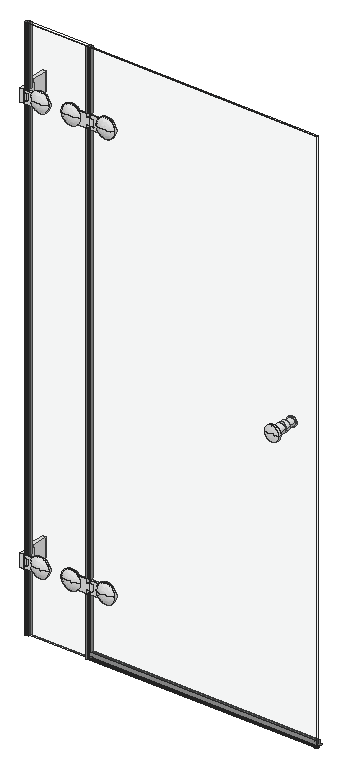
Revit family "Sanitary_Shower-screens_Duscholux_Pure-Style_Orion_Separator-fixed-segment+pivot-door-Bath", category Plumbing Fixtures, Revit 2016
Family settings
  Part Type = Normal
  Round Connector Dimension = Use Diameter
  OmniClass Number = 23.45.00.00
  OmniClass Title = Sanitary, Laundry, and Cleaning Equipment
  Work Plane-Based = No
  Always vertical = Yes
  Cut with Voids When Loaded = No
  Shared = No
  Room Calculation Point = No
Parameters (values of type "Platinum Aluminium Finish")
  Width fixed segment = 180 mm
  Width = 800 mm
  Uniclass 2015 Description = "Shower Enclosures"
  Uniclass 2015 Code = "PR-40-20-06-79"
  URL = "http://www.duscholux.es/"
  UNSPSC Code = "30181507"
  Thickness Glass = 6 mm  # constant formula
  Technical Inspection Certificate (Applus) = "http://www.duscholux.es/resources/custom/var/APPLUS_en.pdf"
  Series = "Pure Style"
  Region South America = "Consult"
  Region Oceania = "Consult"
  Region North America = "Consult"
  Region Middle East = "Consult"
  Region Europe = "AD, ES, FR, PT"
  Region Asia = "Consult"
  Region Antartica = "Consult"
  Region Africa = "Consult"
  Ref. = "4HI / 4HD"
  Products = "http://www.duscholux.es/mamparas_filtro.aspx?es"
  Product group = "Separator for bath"
  Product family = "Pure Style"
  Openning angle = 0.00°
  Opening System Image = "http://blob.duscholux.es/pluma512/SBIzq1f1pabatible180.gif"
  Opening System = "Pivot Door"
  Net Weight (Kg) = 26
  NBS Reference Description = "Shower Enclosures"
  NBS Reference Code = "45-35-70"
  Model = "Orion"
  Min Max Width = if(Width < 520 mm, 520 mm, if(Width > 1200 mm, 1200 mm, Width))  # 800 mm
  Min Max Openning angle = if(Openning angle < -90.00°, -90.00°, if(Openning angle > 90.00°, 90.00°, Openning angle))  # 0.00°
  Max Height = if(Height < 1400 mm, 1400 mm, if(Height > 1800 mm, 1800 mm, Height))  # 1500 mm
  Manufacturer name = "Duscholux Ibérica, S.A."
  Manufacturer country = "Spain"
  Maintenance and Cleaning = "http://www.duscholux.es/mamparas_limpieza.aspx?en"
  Image = "http://www.duscholux.es/resources/custom/img/mamparas/PURE%20STYLE/modelos/1F1PSBA/mampara_h.jpg"
  IFC Classification = "Furnishing Element"
  Height = 1500 mm
  Handle Material = Chrome_Finish
  Handle Height = (Max Height / 2) + Bath Height  # 1150 mm
  Glass in Building UNE EN 12150 = "CE Conformity marking"
  Glass Material = Glass_Material-Duscholux
  Frame Material = Platinum Aluminium Finish
  Fact Sheet = "http://blob.duscholux.es/enpdf2018/Orion1F1PSB.pdf"
  Manufacturer = "Duscholux Ibérica, S.A."
  Environmental Management ISO 14001 = "ECOEMBES Certificate"
  Edition number = "1"
  Door aperture = Min Max Width - Width fixed segment  # 620 mm
  Design country = "Spain / Germany"
  Description = "1 fixed segment + 1 pivot door at 180º for bath"
  Date of publishing = ""
  Assembly Code = "C1030200"
  Configuration enclosure = "http://configuratumampara.duscholux.es/eCatalogo.aspx"
  Components = "Eropean components"
  Type Comments = ""
  Combinations = "Hinge and handle to choice (Round, square or triangular)"
  Certified Quality UNE EN 14428 = "http://www.duscholux.es/duscholux_downloads.aspx?es"
  COBIe Type Category = ""
  Brand = "Duscholux"
  Bath Height = 400 mm
  Accesories Material = Chrome_Finish
Types (3, lengths in mm): name | Width fixed segment | Width | Min Max Width | Frame Material | Door aperture
  (no name) | 180 | 800 | 800 | Platinum Aluminium Finish | 620
  Silver Matt Aluminium Finish | 240 | 900 | 900 | Silver Matt Aluminium Finish | 660
  Platinum Aluminium Finish | 180 | 800 | 800 | Platinum Aluminium Finish | 620
Reference planes
  plane 1 "Centro (Frontal/Posterior)": y = 0
  plane 2: z = 0
  plane 3 "Centro (Izquierda/Derecha)": x = 0
  plane 4: z = 1900
  plane 5: z = 1150
  plane 6: z = 0
  plane 7: x = 4
  plane 8: y = 0
  plane 9: y = 6
  plane 10: x = 800
  plane 11: z = 400
  plane 12: z = 580
  plane 13: z = 1720
  plane 14: y = 8
  plane 15: x = 180
  plane 16: z = 408
Forms (mm)
  Extrusion 1, solid, material "Glass_Material-Duscholux" <- "Glass Material"
    sketch origin (0, 0, 0) x (1, 0, 0) y (0, 1, 0)
      loop
        line (6, 8) -> (6, 0) -> (174, 0) -> (174, 8) -> (6, 8)
    from 400 to 1900
  Extrusion 2, solid, material "Glass_Material-Duscholux" <- "Glass Material"
    sketch origin (180, 0, 0) x (1, 0, 0) y (0, 1, 0)
      loop
        line (0, 6) -> (0, 0) -> (620, 0) -> (620, 6) -> (0, 6)
    from 408 to 1900
  Extrusion 3, solid, material "Plástico, transparente"
    sketch origin (-322.583, -171.096, 0) x (1, 0, 0) y (0, 1, 0)
      loop
        line (496.583, 179.096) -> (496.583, 171.096) -> (491.583, 171.096) -> (491.583, 170.096) -> (496.583, 170.096) -> (501.183, 170.096)
        arc (501.183, 170.096) -> (502.583, 175.096) -> (501.183, 180.096) r 9.629
        line (501.183, 180.096) -> (496.583, 180.096) -> (491.583, 180.096) -> (491.583, 179.096) -> (496.583, 179.096)
      loop
        line (497.583, 170.596) -> (500.927, 170.596)
        arc (500.927, 170.596) -> (502.083, 175.096) -> (500.927, 179.596) r 9.338
        line (500.927, 179.596) -> (497.583, 179.596) -> (497.583, 170.596)
    from 1737.5 to 1900
  Extrusion 4, solid, material "Plástico, transparente"
    sketch origin (-322.583, -171.096, 0) x (1, 0, 0) y (0, 1, 0)
      loop
        line (496.583, 179.096) -> (496.583, 171.096) -> (491.583, 171.096) -> (491.583, 170.096) -> (496.583, 170.096) -> (501.183, 170.096)
        arc (501.183, 170.096) -> (502.583, 175.096) -> (501.183, 180.096) r 9.629
        line (501.183, 180.096) -> (496.583, 180.096) -> (491.583, 180.096) -> (491.583, 179.096) -> (496.583, 179.096)
      loop
        line (497.583, 170.596) -> (500.927, 170.596)
        arc (500.927, 170.596) -> (502.083, 175.096) -> (500.927, 179.596) r 9.338
        line (500.927, 179.596) -> (497.583, 179.596) -> (497.583, 170.596)
    from 597.5 to 1702.5
  Extrusion 5, solid, material "Plástico, transparente"
    sketch origin (-322.583, -171.096, 0) x (1, 0, 0) y (0, 1, 0)
      loop
        line (496.583, 179.096) -> (496.583, 171.096) -> (491.583, 171.096) -> (491.583, 170.096) -> (496.583, 170.096) -> (501.183, 170.096)
        arc (501.183, 170.096) -> (502.583, 175.096) -> (501.183, 180.096) r 9.629
        line (501.183, 180.096) -> (496.583, 180.096) -> (491.583, 180.096) -> (491.583, 179.096) -> (496.583, 179.096)
      loop
        line (497.583, 170.596) -> (500.927, 170.596)
        arc (500.927, 170.596) -> (502.083, 175.096) -> (500.927, 179.596) r 9.338
        line (500.927, 179.596) -> (497.583, 179.596) -> (497.583, 170.596)
    from 400 to 562.5
  Extrusion 6, solid, material "Plástico, transparente"
    sketch origin (542.583, -171.096, 0) x (-1, 0, 0) y (0, -1, 0)
      loop
        line (536.583, -179.096) -> (531.583, -179.096) -> (531.583, -180.096) -> (536.583, -180.096) -> (541.183, -180.096)
        arc (541.183, -180.096) -> (542.583, -175.096) -> (541.183, -170.096) r 9.629
        line (541.183, -170.096) -> (536.583, -170.096) -> (531.583, -170.096) -> (531.583, -171.096) -> (536.583, -171.096) -> (536.583, -179.096)
      loop
        line (537.583, -170.596) -> (537.583, -179.596) -> (540.927, -179.596)
        arc (540.927, -179.596) -> (542.083, -175.096) -> (540.927, -170.596) r 9.338
        line (540.927, -170.596) -> (537.583, -170.596)
    from 1737.5 to 1900
  Extrusion 7, solid, material "Plástico, transparente"
    sketch origin (542.583, -171.096, 0) x (-1, 0, 0) y (0, -1, 0)
      loop
        line (536.583, -179.096) -> (531.583, -179.096) -> (531.583, -180.096) -> (536.583, -180.096) -> (541.183, -180.096)
        arc (541.183, -180.096) -> (542.583, -175.096) -> (541.183, -170.096) r 9.629
        line (541.183, -170.096) -> (536.583, -170.096) -> (531.583, -170.096) -> (531.583, -171.096) -> (536.583, -171.096) -> (536.583, -179.096)
      loop
        line (537.583, -170.596) -> (537.583, -179.596) -> (540.927, -179.596)
        arc (540.927, -179.596) -> (542.083, -175.096) -> (540.927, -170.596) r 9.338
        line (540.927, -170.596) -> (537.583, -170.596)
    from 597.5 to 1702.5
  Extrusion 8, solid, material "Plástico, transparente"
    sketch origin (542.583, -171.096, 0) x (-1, 0, 0) y (0, -1, 0)
      loop
        line (536.583, -179.096) -> (531.583, -179.096) -> (531.583, -180.096) -> (536.583, -180.096) -> (541.183, -180.096)
        arc (541.183, -180.096) -> (542.583, -175.096) -> (541.183, -170.096) r 9.629
        line (541.183, -170.096) -> (536.583, -170.096) -> (531.583, -170.096) -> (531.583, -171.096) -> (536.583, -171.096) -> (536.583, -179.096)
      loop
        line (537.583, -170.596) -> (537.583, -179.596) -> (540.927, -179.596)
        arc (540.927, -179.596) -> (542.083, -175.096) -> (540.927, -170.596) r 9.338
        line (540.927, -170.596) -> (537.583, -170.596)
    from 400 to 562.5
Lines and regions (mm)
  reference lines
    curve 1: line (180, 0, 0) -> (800, 0, 0)
  symbolic lines
    curve 2: line (180, 0, 0) -> (180, 620, 0)
    curve 3: line (180, 0, 0) -> (180, -620, 0)
    curve 4: arc (180, 620, 0) -> (800, 0, 0) -> (180, -620, 0) r 620
Dimensions and locks
  locked: plane 3 "Centro (Izquierda/Derecha)" to plane 7 at 4
  "Bath Height": plane 11 to level
  "Max Height": plane 4 to plane 11
  "Handle Height": plane 5 to level
  locked: plane 12 to plane 11 at 180
  "Min Max Width": plane 3 "Centro (Izquierda/Derecha)" to plane 10
  locked: plane 4 to plane 13 at 180
  locked: nested 6 to Extrusion 4 at 17.5
  locked: Extrusion 3 to plane 13 at 17.5
  "Width fixed segment": plane 3 "Centro (Izquierda/Derecha)" to plane 15
  locked: nested 6 to plane 15 at 6
  locked: plane 15 to nested 6 at 6
  locked: Extrusion 7 to plane 12 at 17.5
  locked: plane 16 to plane 11 at 8
  "Door aperture": curve 1 to curve 1
  "Thickness Glass": Extrusion 2 to Extrusion 2
  locked: plane 4 to nested 3 at 180
  "Door aperture": curve 2 to curve 2
  "Door aperture": curve 3 to curve 3
  "Min Max Openning angle": angle curve 1 to plane 8
  aligned and locked: level to plane 2
  aligned and locked: plane 13 to nested 2
  aligned and locked: plane 12 to nested 1
  aligned and locked: plane 4 to Extrusion 1
  aligned and locked: nested 4 to plane 12
  aligned and locked: plane 15 to curve 1
  aligned and locked: plane 8 to curve 1
  aligned and locked: plane 4 to Extrusion 2
  aligned and locked: nested 5 to plane 12
  aligned and locked: nested 6 to plane 13
  aligned and locked: Extrusion 3 to Extrusion 1
  aligned and locked: Extrusion 1 to Extrusion 5
  aligned and locked: nested 8 to nested 7
  aligned and locked: plane 5 to nested 7
  aligned and locked: plane 5 to nested 8
  aligned and locked: nested 3 to plane 7
  aligned and locked: nested 6 to nested 4
  aligned and locked: Extrusion 4 to Extrusion 7
  aligned and locked: Extrusion 8 to Extrusion 1
  aligned and locked: Extrusion 1 to plane 11
  aligned and locked: Extrusion 7 to Extrusion 4
  aligned and locked: Extrusion 5 to Extrusion 8
  aligned and locked: Extrusion 2 to plane 16
  aligned and locked: Extrusion 1 to Extrusion 6
  aligned and locked: Extrusion 6 to Extrusion 3
  aligned and locked: Extrusion 2 to nested 9
  aligned and locked: nested 9 to Extrusion 2
  aligned and locked: nested 10 to nested 3
  aligned and locked: nested 5 to Extrusion 2
  aligned and locked: nested 11 to plane 13
  aligned and locked: nested 11 to Extrusion 2
  aligned and locked: plane 10 to Extrusion 2
Automatic sketch dimensions
  plane 1 "Centro (Frontal/Posterior)" to Extrusion 1 sketch curve = 0 mm
  Extrusion 1 sketch curve to plane 14 = 0 mm
  plane 7 to Extrusion 1 sketch curve = 2 mm
  Extrusion 1 sketch curve to plane 15 = 6 mm
  Extrusion 2 sketch curve to curve 1 = 0 mm  (x3)
  curve 1 to Extrusion 2 sketch curve = 6 mm
  Extrusion 3 sketch curve to plane 14 = 0 mm
  plane 1 "Centro (Frontal/Posterior)" to Extrusion 3 sketch curve = 0 mm
  Extrusion 3 sketch curve to plane 15 = 11 mm
  Extrusion 3 sketch curve to Extrusion 3 sketch curve = 0 mm  (x4)
  Extrusion 3 sketch curve to plane 9 = 2 mm
  Extrusion 3 sketch curve to Extrusion 3 sketch curve = 1.162 mm
  Extrusion 3 sketch curve to Extrusion 3 sketch curve = 0.209 mm
  Extrusion 3 sketch curve to Extrusion 3 sketch curve = 5 mm
  plane 1 "Centro (Frontal/Posterior)" to Extrusion 3 sketch curve = 0.5 mm
  Extrusion 3 sketch curve to Extrusion 3 sketch curve = 1 mm  (x2)
  plane 14 to Extrusion 3 sketch curve = 0.5 mm
  Extrusion 3 sketch curve to plane 15 = 1.656 mm
  Extrusion 3 sketch curve to Extrusion 3 sketch curve = 0.256 mm  (x2)
  Extrusion 4 sketch curve to plane 14 = 0 mm
  plane 1 "Centro (Frontal/Posterior)" to Extrusion 4 sketch curve = 0 mm
  Extrusion 4 sketch curve to plane 15 = 11 mm
  Extrusion 4 sketch curve to Extrusion 4 sketch curve = 0 mm  (x4)
  Extrusion 4 sketch curve to plane 9 = 2 mm
  Extrusion 4 sketch curve to Extrusion 4 sketch curve = 1.162 mm
  Extrusion 4 sketch curve to Extrusion 4 sketch curve = 0.209 mm
  Extrusion 4 sketch curve to Extrusion 4 sketch curve = 5 mm
  plane 1 "Centro (Frontal/Posterior)" to Extrusion 4 sketch curve = 0.5 mm
  Extrusion 4 sketch curve to Extrusion 4 sketch curve = 1 mm  (x2)
  plane 14 to Extrusion 4 sketch curve = 0.5 mm
  Extrusion 4 sketch curve to plane 15 = 1.656 mm
  Extrusion 4 sketch curve to Extrusion 4 sketch curve = 0.256 mm  (x2)
  Extrusion 5 sketch curve to plane 14 = 0 mm
  plane 1 "Centro (Frontal/Posterior)" to Extrusion 5 sketch curve = 0 mm
  Extrusion 5 sketch curve to plane 15 = 11 mm
  Extrusion 5 sketch curve to Extrusion 5 sketch curve = 0 mm  (x4)
  Extrusion 5 sketch curve to plane 9 = 2 mm
  Extrusion 5 sketch curve to Extrusion 5 sketch curve = 1.162 mm
  Extrusion 5 sketch curve to Extrusion 5 sketch curve = 0.209 mm
  Extrusion 5 sketch curve to Extrusion 5 sketch curve = 5 mm
  plane 1 "Centro (Frontal/Posterior)" to Extrusion 5 sketch curve = 0.5 mm
  Extrusion 5 sketch curve to Extrusion 5 sketch curve = 1 mm  (x2)
  plane 14 to Extrusion 5 sketch curve = 0.5 mm
  Extrusion 5 sketch curve to plane 15 = 1.656 mm
  Extrusion 5 sketch curve to Extrusion 5 sketch curve = 0.256 mm  (x2)
  Extrusion 6 sketch curve to plane 14 = 0 mm
  plane 1 "Centro (Frontal/Posterior)" to Extrusion 6 sketch curve = 0 mm
  Extrusion 6 sketch curve to plane 7 = 7 mm  (x2)
  plane 9 to Extrusion 6 sketch curve = 2 mm
  Extrusion 6 sketch curve to Extrusion 6 sketch curve = 1.162 mm
  Extrusion 6 sketch curve to Extrusion 6 sketch curve = 0.209 mm
  Extrusion 6 sketch curve to plane 7 = 2 mm
  Extrusion 6 sketch curve to Extrusion 6 sketch curve = 0 mm  (x3)
  Extrusion 6 sketch curve to plane 1 "Centro (Frontal/Posterior)" = 0.5 mm
  Extrusion 6 sketch curve to plane 7 = 1 mm
  Extrusion 6 sketch curve to plane 14 = 0.5 mm
  Extrusion 6 sketch curve to plane 3 "Centro (Izquierda/Derecha)" = 1.656 mm
  Extrusion 6 sketch curve to Extrusion 6 sketch curve = 0.256 mm  (x2)
  Extrusion 6 sketch curve to plane 1 "Centro (Frontal/Posterior)" = 1 mm
  Extrusion 7 sketch curve to plane 14 = 0 mm
  plane 1 "Centro (Frontal/Posterior)" to Extrusion 7 sketch curve = 0 mm
  Extrusion 7 sketch curve to plane 7 = 7 mm  (x2)
  plane 9 to Extrusion 7 sketch curve = 2 mm
  Extrusion 7 sketch curve to Extrusion 7 sketch curve = 1.162 mm
  Extrusion 7 sketch curve to Extrusion 7 sketch curve = 0.209 mm
  Extrusion 7 sketch curve to plane 7 = 2 mm
  Extrusion 7 sketch curve to Extrusion 7 sketch curve = 0 mm  (x3)
  Extrusion 7 sketch curve to plane 1 "Centro (Frontal/Posterior)" = 0.5 mm
  Extrusion 7 sketch curve to plane 7 = 1 mm
  Extrusion 7 sketch curve to plane 14 = 0.5 mm
  Extrusion 7 sketch curve to plane 3 "Centro (Izquierda/Derecha)" = 1.656 mm
  Extrusion 7 sketch curve to Extrusion 7 sketch curve = 0.256 mm  (x2)
  Extrusion 7 sketch curve to plane 1 "Centro (Frontal/Posterior)" = 1 mm
  Extrusion 8 sketch curve to plane 14 = 0 mm
  plane 1 "Centro (Frontal/Posterior)" to Extrusion 8 sketch curve = 0 mm
  Extrusion 8 sketch curve to plane 3 "Centro (Izquierda/Derecha)" = 11 mm
  Extrusion 8 sketch curve to Extrusion 8 sketch curve = 0 mm  (x4)
  plane 9 to Extrusion 8 sketch curve = 2 mm
  Extrusion 8 sketch curve to Extrusion 8 sketch curve = 1.162 mm
  Extrusion 8 sketch curve to Extrusion 8 sketch curve = 0.209 mm
  Extrusion 8 sketch curve to Extrusion 8 sketch curve = 5 mm
  Extrusion 8 sketch curve to plane 1 "Centro (Frontal/Posterior)" = 0.5 mm
  Extrusion 8 sketch curve to Extrusion 8 sketch curve = 1 mm
  Extrusion 8 sketch curve to plane 14 = 0.5 mm
  Extrusion 8 sketch curve to Extrusion 8 sketch curve = 3.344 mm
  Extrusion 8 sketch curve to Extrusion 8 sketch curve = 0.256 mm  (x2)
  Extrusion 8 sketch curve to plane 1 "Centro (Frontal/Posterior)" = 1 mm
  curve 2 to plane 15 = 0 mm
  plane 1 "Centro (Frontal/Posterior)" to curve 3 = 0 mm
Nested families
  nested 1: "Hinge (Wall)" at (0, 0, 555), type "Hinge (Wall)"
  nested 2: "Hinge (Wall)" at (0, 0, 1695), type "Hinge (Wall)"
  nested 3: "Hinge (Glass)" at (0, 0, 1720) x (1, 0, 0) z (0, -1, 0), type "Hinge (Glass)"
  nested 4: "Hinge (Fixed segment)" at (178, 0, 580) x (1, 0, 0) z (0, -1, 0), type "Hinge (Fixed segment)"
  nested 5: "Hinge (Door)" at (180, 0, 580) x (1, 0, 0) z (0, -1, 0), type "Hinge (Door)"
  nested 6: "Hinge (Fixed segment)" at (178, 0, 1720) x (1, 0, 0) z (0, -1, 0), type "Hinge (Fixed segment)"
  nested 7: "Ext.-Handle-Purestyle" at (700, 0, 1150) x (-1, 0, 0) z (0, -1, 0), type "Ext.-Handle-Purestyle", detail levels medium+fine
  nested 8: "Int.-Handle-Purestyle" at (700, 6, 1150) x (1, 0, 0) z (0, 1, 0), type "Int.-Handle-Purestyle", detail levels medium+fine
  nested 9: "Lower- Guide" at (180, 2.737, 408), type "Lower-Guide", detail levels fine
    with built-in parameter 1001306 2.0341 (stored number, unit not read)
  nested 10: "Hinge (Glass)" at (0, 0, 580) x (1, 0, 0) z (0, -1, 0), type "Hinge (Glass)"
  nested 11: "Hinge (Door)" at (180, 0, 1720) x (1, 0, 0) z (0, -1, 0), type "Hinge (Door)"
Definition of nested family "Hinge (Wall)"
  Parameters (values of type "pletina pared")
    Material Accesorios = none
    Accesories Material = none
  Reference planes
    plane 1 "Centro (Frontal/Posterior)": y = 0
    plane 2: z = 0
    plane 3 "Centro (Izquierda/Derecha)": x = 0
    plane 4: z = 50
    plane 5: z = 42.5
    plane 6: z = 7.5
    plane 7: z = 25
  Forms (mm)
    Extrusion 1, solid, material <- "Accesories Material"
      sketch origin (0, 0, 0) x (1, 0, 0) y (0, 1, 0)
        loop
          line (-3.514, 75) -> (-10, 75) -> (-10, -4) -> (0, -4) -> (0, 32) -> (-1.514, 32) -> (-1.514, 73)
          arc (-1.514, 73) -> (-2.1, 74.414) -> (-3.514, 75) r 2
      from 0 to 50
    Extrusion 2, void
      sketch origin (0, 0, 0) x (1, 0, 0) y (0, 1, 0)
        loop
          line (-10, -4) -> (0, -4) -> (0, 32) -> (-1.514, 32) -> (-10, 26.002) -> (-10, -4)
      from 42.5 to 50
    Extrusion 3, void
      sketch origin (0, 0, 0) x (1, 0, 0) y (0, 1, 0)
        loop
          line (-10, 26.002) -> (-10, -4) -> (0, -4) -> (0, 32) -> (-1.514, 32) -> (-10, 26.002)
      from 0 to 7.5
  Cuts and joins
    Extrusion 2, Extrusion 3 cuts Extrusion 1
  Dimensions and locks
    equal spacing: plane 4, plane 7, level
    aligned and locked: level to plane 2
    aligned and locked: plane 4 to Extrusion 1
    aligned and locked: Extrusion 2 to Extrusion 1
    aligned and locked: Extrusion 2 to plane 5
    aligned and locked: Extrusion 3 to level
    aligned and locked: plane 6 to Extrusion 3
    aligned and locked: Extrusion 1 to Extrusion 2
    aligned and locked: Extrusion 1 to Extrusion 3
  Automatic sketch dimensions
    Extrusion 1 sketch curve to plane 3 "Centro (Izquierda/Derecha)" = 0 mm
    Extrusion 1 sketch curve to plane 3 "Centro (Izquierda/Derecha)" = 1.514 mm
    Extrusion 1 sketch curve to Extrusion 1 sketch curve = 2 mm
    plane 1 "Centro (Frontal/Posterior)" to Extrusion 1 sketch curve = 4 mm
    Extrusion 1 sketch curve to plane 3 "Centro (Izquierda/Derecha)" = 10 mm
    Extrusion 1 sketch curve to plane 1 "Centro (Frontal/Posterior)" = 32 mm
    Extrusion 1 sketch curve to Extrusion 1 sketch curve = 41 mm
    Extrusion 2 sketch curve to plane 3 "Centro (Izquierda/Derecha)" = 0 mm
    Extrusion 2 sketch curve to plane 3 "Centro (Izquierda/Derecha)" = 1.514 mm
    plane 1 "Centro (Frontal/Posterior)" to Extrusion 2 sketch curve = 4 mm
    Extrusion 2 sketch curve to plane 3 "Centro (Izquierda/Derecha)" = 10 mm
    Extrusion 2 sketch curve to plane 1 "Centro (Frontal/Posterior)" = 26.002 mm
    Extrusion 2 sketch curve to Extrusion 2 sketch curve = 5.998 mm
    Extrusion 3 sketch curve to plane 3 "Centro (Izquierda/Derecha)" = 0 mm
    Extrusion 3 sketch curve to plane 3 "Centro (Izquierda/Derecha)" = 1.514 mm
    Extrusion 3 sketch curve to plane 3 "Centro (Izquierda/Derecha)" = 10 mm
    plane 1 "Centro (Frontal/Posterior)" to Extrusion 3 sketch curve = 4 mm
    Extrusion 3 sketch curve to plane 1 "Centro (Frontal/Posterior)" = 26.002 mm
    Extrusion 3 sketch curve to Extrusion 3 sketch curve = 5.998 mm
Definition of nested family "Hinge (Glass)"
  Parameters (values of type "Hinge (Glass)")
    Default Elevation = 1219.2 mm
    Accesories Material = none
  Reference planes
    plane 1 "Centro (Frontal/Posterior)": y = 0
    plane 2: z = 0
    plane 3 "Centro (Izquierda/Derecha)": x = 0
    plane 4: y = 17.5
    plane 5: y = -17.5
    plane 6: x = 43.993
  Forms (mm)
    Extrusion 1, solid
      sketch origin (0, 0, 0) x (1, 0, 0) y (0, 1, 0)
        loop
          line (-1219.2, 1219.2) -> (-1219.2, -1219.2) -> (1219.2, -1219.2) -> (1219.2, 1219.2) -> (-1219.2, 1219.2)
      from 0 to -304.8
    Extrusion 2, solid, material <- "Accesories Material"
      sketch origin (0.8, 0, 0) x (1, 0, 0) y (0, 1, 0)
        loop
          line (-0.8, 17.5) -> (-0.8, -17.5) -> (24.777, -17.5)
          arc (24.777, -17.5) -> (69.993, 0) -> (24.777, 17.5) r 25.995
          line (24.777, 17.5) -> (-0.8, 17.5)
        loop
          line (3.2, 9.5) -> (3.2, -9.5) -> (12.7, -9.5) -> (12.7, 9.5) -> (3.2, 9.5)
      from 0 to 4
    Revolve 3, solid, material <- "Accesories Material"
      sketch origin (0.8, 0, 0) x (1, 0, 0) y (0, 0, 1)
        loop
          arc (69.993, 4) -> (57.6, 9.978) -> (43.993, 12.031) r 46.1
          line (43.993, 12.031) -> (43.993, 4) -> (69.993, 4)
        axis (43.993, 12.031) -> (43.993, 4)
      angle from 0 to 360
    Extrusion 4, void
      sketch origin (0, 0, 0) x (1, 0, 0) y (0, 0, 1)
        loop
          arc (0, 0) -> (1.172, 2.828) -> (4, 4) r 4
          line (4, 4) -> (0, 4) -> (0, 0)
      from -17.5 to 17.5
  Cuts and joins
    Extrusion 4 cuts Extrusion 2
    Extrusion 4 cuts Revolve 3
    joined: Extrusion 2, Revolve 3
  Dimensions and locks
    aligned and locked: plane 2 to Extrusion 1
    aligned and locked: level to Extrusion 1
    aligned and locked: Extrusion 2 to plane 3 "Centro (Izquierda/Derecha)"
    aligned and locked: cut or joined group of Extrusion 2, Revolve 3, Extrusion 4 to cut or joined group of Extrusion 2, Revolve 3, Extrusion 4
    aligned and locked: Extrusion 2 to Extrusion 4
Definition of nested family "Hinge (Fixed segment)"
  Parameters (values of type "pletina fijo")
    Default Elevation = 1219.2 mm
    Accesories Material = none
  Reference planes
    plane 1 "Centro (Frontal/Posterior)": y = 0
    plane 2: z = 0
    plane 3 "Centro (Izquierda/Derecha)": x = 0
    plane 4: y = 17.5
    plane 5: y = -17.5
    plane 6: x = 43.993
  Forms (mm)
    Extrusion 1, solid
      sketch origin (0, 0, 0) x (1, 0, 0) y (0, 1, 0)
        loop
          line (-1219.2, 1219.2) -> (-1219.2, -1219.2) -> (1219.2, -1219.2) -> (1219.2, 1219.2) -> (-1219.2, 1219.2)
      from 0 to -304.8
    Extrusion 2, solid, material <- "Accesories Material"
      sketch origin (-4, 0, 0) x (-1, 0, 0) y (0, -1, 0)
        loop
          line (0, -17.5) -> (25.565, -17.5)
          arc (25.565, -17.5) -> (70.793, 0) -> (25.565, 17.5) r 26
          line (25.565, 17.5) -> (0, 17.5) -> (0, -17.5)
      from 0 to 4
    Extrusion 3, solid, material <- "Accesories Material"
      sketch origin (0, 0, 0) x (1, 0, 0) y (0, 1, 0)
        loop
          line (0, -9.5) -> (0, 9.5) -> (-4, 9.5) -> (-4, -9.5) -> (0, -9.5)
      from 0 to 4
    Revolve 4, solid, material <- "Accesories Material"
      sketch origin (-92.787, 0, 0) x (1, 0, 0) y (0, 0, 1)
        loop
          arc (69.993, 4) -> (57.6, 9.978) -> (43.993, 12.031) r 46.1
          line (43.993, 12.031) -> (43.993, 4) -> (69.993, 4)
        axis (43.993, 12.031) -> (43.993, 4)
      angle from 0 to 360
    Extrusion 5, solid, material <- "Accesories Material"
      sketch origin (0, 0, 0) x (1, 0, 0) y (0, 0, 1)
        loop
          line (0, 4) -> (0, 0) -> (8, 0)
          arc (8, 0) -> (6.828, 2.828) -> (4, 4) r 4
          line (4, 4) -> (0, 4)
      from -9.5 to 9.5
  Cuts and joins
    joined: Extrusion 2, Extrusion 3, Extrusion 5
  Dimensions and locks
    aligned and locked: plane 2 to Extrusion 1
    aligned and locked: level to Extrusion 1
    aligned and locked: Extrusion 5 to cut or joined group of Extrusion 2, Extrusion 3, Extrusion 5
    aligned and locked: cut or joined group of Extrusion 2, Extrusion 3, Extrusion 5 to Extrusion 5
Definition of nested family "Hinge (Door)"
  Parameters (values of type "pletina puerta")
    Default Elevation = 1219.2 mm
    Accesories Material = none
  Reference planes
    plane 1 "Centro (Frontal/Posterior)": y = 0
    plane 2: z = 0
    plane 3 "Centro (Izquierda/Derecha)": x = 0
    plane 4: y = 17.5
    plane 5: y = -17.5
    plane 6: x = 43.993
  Forms (mm)
    Extrusion 1, solid
      sketch origin (0, 0, 0) x (1, 0, 0) y (0, 1, 0)
        loop
          line (-1219.2, 1219.2) -> (-1219.2, -1219.2) -> (1219.2, -1219.2) -> (1219.2, 1219.2) -> (-1219.2, 1219.2)
      from 0 to -304.8
    Revolve 2, solid, material <- "Accesories Material"
      sketch origin (0.8, 0, 0) x (1, 0, 0) y (0, 0, 1)
        loop
          arc (69.993, 4) -> (57.6, 9.978) -> (43.993, 12.031) r 46.1
          line (43.993, 12.031) -> (43.993, 4) -> (69.993, 4)
        axis (43.993, 12.031) -> (43.993, 4)
      angle from 0 to 360
    Extrusion 3, void
      sketch origin (0, 0, 0) x (1, 0, 0) y (0, 0, 1)
        loop
          arc (0, 0) -> (1.172, 2.828) -> (4, 4) r 4
          line (4, 4) -> (0, 4) -> (0, 0)
      from 9.5 to 17.5
    Extrusion 4, solid, material <- "Accesories Material"
      sketch origin (0, 0, 0) x (1, 0, 0) y (0, 1, 0)
        loop
          line (0, 17.5) -> (0, 9.5) -> (13.5, 9.5) -> (13.5, -9.5) -> (0, -9.5) -> (0, -17.5) -> (25.577, -17.5)
          arc (25.577, -17.5) -> (70.793, 0.017) -> (25.565, 17.5) r 25.997
          line (25.565, 17.5) -> (0, 17.5)
      from 0 to 4
    Extrusion 5, void
      sketch origin (0, 0, 0) x (1, 0, 0) y (0, 0, 1)
        loop
          arc (0, 0) -> (1.172, 2.828) -> (4, 4) r 4
          line (4, 4) -> (0, 4) -> (0, 0)
      from -17.5 to -9.5
  Cuts and joins
    Extrusion 3 cuts Revolve 2
    Extrusion 3, Extrusion 5 cuts Extrusion 4
  Dimensions and locks
    aligned and locked: plane 2 to Extrusion 1
    aligned and locked: level to Extrusion 1
    aligned and locked: Extrusion 4 to cut or joined group of Revolve 2, Extrusion 3
    aligned and locked: plane 4 to Extrusion 5
    aligned and locked: Extrusion 5 to Extrusion 4
Definition of nested family "Ext.-Handle-Purestyle"
  Parameters (values of type "Ext.-Handle-Purestyle")
    Handle Material = none
    Default Elevation = 1219.2 mm
  Reference planes
    plane 1 "Centro (Frontal/Posterior)": y = 0
    plane 2: z = 0
    plane 3 "Centro (Izquierda/Derecha)": x = 0
    plane 4: z = 25
    plane 5: z = 30
    plane 6: z = 27.5
  Forms (mm)
    Extrusion 1, solid
      sketch origin (0, 0, 0) x (1, 0, 0) y (0, 1, 0)
        loop
          line (-1219.2, 1219.2) -> (-1219.2, -1219.2) -> (1219.2, -1219.2) -> (1219.2, 1219.2) -> (-1219.2, 1219.2)
      from 0 to -304.8
    Extrusion 2, solid, material <- "Handle Material"
      sketch origin (0, 0, 0) x (1, 0, 0) y (0, 1, 0)
        loop
          circle (0, 0) r 12.542
      from 0 to 25
    Extrusion 3, solid, material <- "Handle Material"
      sketch origin (0, 0, 0) x (1, 0, 0) y (0, 1, 0)
        loop
          circle (0, 0) r 20
      from 25 to 30
    Revolve 4, solid, material <- "Handle Material"
      sketch origin (0, 0, 0) x (1, 0, 0) y (0, 0, 1)
        loop
          line (0, 30) -> (20, 30)
          arc (20, 30) -> (10.059, 31.59) -> (0, 32.01) r 86.26
          line (0, 32.01) -> (0, 30)
        axis (0, 32.01) -> (0, 30)
      angle from 0 to 360
    Revolve 5, solid, material <- "Handle Material"
      sketch origin (0, 0, 55) x (1, 0, 0) y (0, 0, -1)
        loop
          line (0, 30) -> (20, 30)
          arc (20, 30) -> (10.059, 31.59) -> (0, 32.01) r 86.26
          line (0, 32.01) -> (0, 30)
        axis (0, 32.01) -> (0, 30)
      angle from 0 to 360
  Cuts and joins
    joined: Extrusion 2, Extrusion 3, Revolve 4, Revolve 5
  Dimensions and locks
    aligned and locked: plane 2 to Extrusion 1
    aligned and locked: level to Extrusion 1
    aligned and locked: Extrusion 3 to Extrusion 2
    aligned and locked: plane 5 to Extrusion 3
Definition of nested family "Int.-Handle-Purestyle"
  Parameters (values of type "Int.-Handle-Purestyle")
    Handle Material = none
    Default Elevation = 1219.2 mm
  Reference planes
    plane 1 "Centro (Frontal/Posterior)": y = 0
    plane 2: z = 0
    plane 3 "Centro (Izquierda/Derecha)": x = 0
    plane 4: z = 10
    plane 5: z = 30
    plane 6: z = 33
  Forms (mm)
    Extrusion 1, solid
      sketch origin (0, 0, 0) x (1, 0, 0) y (0, 1, 0)
        loop
          line (-1219.2, 1219.2) -> (-1219.2, -1219.2) -> (1219.2, -1219.2) -> (1219.2, 1219.2) -> (-1219.2, 1219.2)
      from 0 to -304.8
    Extrusion 2, solid, material <- "Handle Material"
      sketch origin (0, 0, 0) x (1, 0, 0) y (0, 1, 0)
        loop
          circle (0, 0) r 12.518
      from 0 to 10
    Extrusion 3, solid, material <- "Handle Material"
      sketch origin (0, 0, 0) x (1, 0, 0) y (0, 1, 0)
        loop
          circle (0, 0) r 10
      from 10 to 30
    Extrusion 4, solid, material <- "Handle Material"
      sketch origin (0, 0, 0) x (1, 0, 0) y (0, 1, 0)
        loop
          circle (0, 0) r 12.518
      from 30 to 33
  Cuts and joins
    joined: Extrusion 2, Extrusion 3, Extrusion 4
  Dimensions and locks
    aligned and locked: plane 2 to Extrusion 1
    aligned and locked: level to Extrusion 1
    aligned and locked: Extrusion 3 to Extrusion 2
    aligned and locked: Extrusion 4 to Extrusion 3
    aligned and locked: plane 6 to Extrusion 4
Definition of nested family "Lower- Guide"
  Parameters (values of type "Lower-Guide")
    built-in parameter 1001306 [instance] = 800 mm
  Reference planes
    plane 1 "Centro (Frontal/Posterior)": y = 0
    plane 2: z = 0
    plane 3 "Izquierda": x = 0
    plane 4 "Derecha": x = 800
    plane 5: z = 0
  Forms (mm)
    Extrusion 1, solid
      sketch origin (0, 0, 0) x (0, 1, 0) y (0, 0, 1)
        loop
          line (-4.2, 0) -> (-3, 12) -> (-4.5, 12) -> (-5.692, 0.15)
          arc (-5.692, 0.15) -> (-5.345, -0.968) -> (-4.3, -1.497) r 1.5
          line (-4.3, -1.497) -> (-4.3, -5.874)
          arc (-4.3, -5.874) -> (-3.9, -6.274) -> (-3.5, -5.874) r 0.4
          line (-3.5, -5.874) -> (-3.5, -1.5) -> (3.5, -1.5) -> (3.5, -7.653)
          arc (3.5, -7.653) -> (3.9, -8.053) -> (4.3, -7.653) r 0.4
          line (4.3, -7.653) -> (4.3, -1.508) -> (5.754, -1.508) -> (11.976, -3.947)
          arc (11.976, -3.947) -> (12.62, -3.771) -> (12.515, -3.111) r 0.5
          line (12.515, -3.111) -> (9.056, -1.58)
          arc (9.056, -1.58) -> (6.398, 0.585) -> (5.211, 3.802) r 6.5
          line (5.211, 3.802) -> (4.5, 12) -> (3, 12) -> (4.2, 0) -> (-4.2, 0)
      from 0 to 800
  Lines and regions (mm)
    reference lines
      curve 1: line (0, 0, 0) -> (800, 0, 0)
  Dimensions and locks
    "built-in parameter 1001306": plane 3 "Izquierda" to plane 4 "Derecha"
    aligned and locked: plane 4 "Derecha" to curve 1
    aligned and locked: plane 1 "Centro (Frontal/Posterior)" to curve 1
    aligned and locked: plane 3 "Izquierda" to curve 1
    aligned and locked: level to plane 2
    aligned and locked: plane 4 "Derecha" to Extrusion 1
  Automatic sketch dimensions
    Extrusion 1 sketch curve to level = 0 mm  (x2)
    Extrusion 1 sketch curve to Extrusion 1 sketch curve = 0.4 mm  (x3)
    Extrusion 1 sketch curve to Extrusion 1 sketch curve = 0 mm  (x2)
    Extrusion 1 sketch curve to Extrusion 1 sketch curve = 1.5 mm  (x2)
    Extrusion 1 sketch curve to Extrusion 1 sketch curve = 1.454 mm
    Extrusion 1 sketch curve to level = 1.58 mm
    Extrusion 1 sketch curve to Extrusion 1 sketch curve = 3.301 mm
    level to Extrusion 1 sketch curve = 4.364 mm
    Extrusion 1 sketch curve to Extrusion 1 sketch curve = 2.632 mm
    Extrusion 1 sketch curve to level = 3.947 mm
    Extrusion 1 sketch curve to Extrusion 1 sketch curve = 2.921 mm
    Extrusion 1 sketch curve to Extrusion 1 sketch curve = 0.224 mm
    Extrusion 1 sketch curve to level = 3.111 mm
    Extrusion 1 sketch curve to Extrusion 1 sketch curve = 0.315 mm
    Extrusion 1 sketch curve to level = 5.874 mm
    Extrusion 1 sketch curve to Extrusion 1 sketch curve = 1.778 mm
    Extrusion 1 sketch curve to level = 1.508 mm
    Extrusion 1 sketch curve to level = 1.5 mm
    Extrusion 1 sketch curve to Extrusion 1 sketch curve = 0.003 mm
    level to Extrusion 1 sketch curve = 12 mm
    level to Extrusion 1 sketch curve = 0.15 mm
    plane 1 "Centro (Frontal/Posterior)" to Extrusion 1 sketch curve = 3 mm
    plane 1 "Centro (Frontal/Posterior)" to Extrusion 1 sketch curve = 3.5 mm
    Extrusion 1 sketch curve to Extrusion 1 sketch curve = 0.1 mm  (x2)
    Extrusion 1 sketch curve to plane 1 "Centro (Frontal/Posterior)" = 3 mm
    Extrusion 1 sketch curve to plane 1 "Centro (Frontal/Posterior)" = 3.5 mm
    Extrusion 1 sketch curve to Extrusion 1 sketch curve = 0.799 mm
    level to Extrusion 1 sketch curve = 3.802 mm
